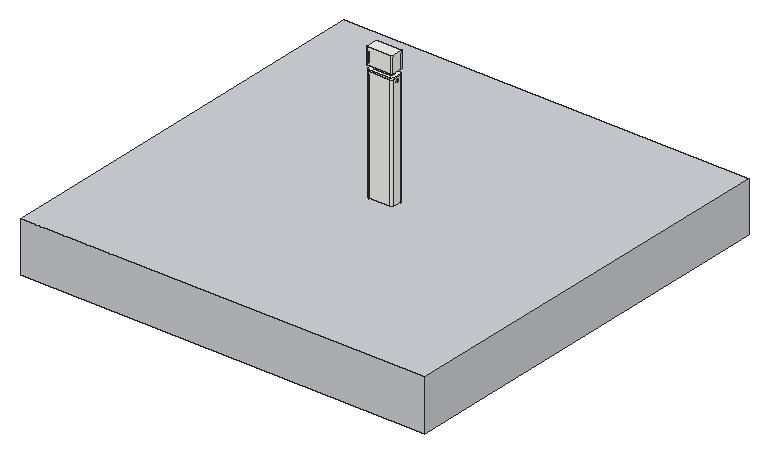
Revit family
Parameters (values of type "MFS-SS1-N")
  Warranty Statement = " www.maxiforcebollards.com/documents"
  Warranty Duration (Years) = "1"
  URL = " www.maxiforcebollards.com/documents"
  Type Comments = "Fixed Bollard / Standard Body"
  Revision = "20110501\t\t\t\t\t\r\n"
  Reflective Tape = no
  Product Specifications MF 2004 = " www.maxiforcebollards.com/documents"
  Product Specifications MF 1995 = " www.maxiforcebollards.com/documents"
  Product Models = " www.maxiforcebollards.com/documents"
  Post Material = Powder Coat - TIGER Drylac
  Pier Height = if(Additional Body Height < 0' 0", 2' 2 223/256", if(or(Additional Body Height + 2' 2 223/256" > 4' 0", Additional Body Height + 2' 2 223/256" = 4' 0"), 4' 0", 2' 2 223/256" + Additional Body Height))  # 2' - 2 223/256"
  Operation, Maintenance & Repair Manual = " www.maxiforcebollards.com/documents"
  Model = "MFS-SS1-N"
  MasterFormat 1995 = "02870"
  Marketing Brochures = " www.maxiforcebollards.com/documents"
  Manufacturer Website = "http://www.maxiforcebollards.com"
  Manufacturer Phone = "410-552-9888\t\t\t\t\t\r\n"
  Manufacturer Fax = "410-552-9939\t\t\t\t\t\r\n"
  Manufacturer Email = "sales@maxiforcebollards.com\t\t\t\t\t\r\n"
  Manufacturer Address = "7560 Main Street, Sykesville, MD 21784\t\t\t\t\t\r\n"
  Manufacturer = "Blue Ember Technologies, LLC.\t\t\t\t\t\r\n"
  Maintenance Schedule (Months) = "0"
  Keynote = "12 93 00"
  Installation Phase = "Fixtures and Fittings"
  Head Type = Head_SS1 : Head_SS1
  Head Material = Powder Coat - TIGER Drylac
  Description = "Site Furnishings as Specified in 02870 or 12 93 00"
  Default Elevation = 4' - 0"
  Copyright = "© Blue Ember Technologies, LLC.\t\t\t\t\t\r\n"
  Color Definitions RFA = " www.maxiforcebollards.com/documents"
  Color Charts = " www.maxiforcebollards.com/documents"
  CAD Details = " www.maxiforcebollards.com/documents"
  Bollard Articles = " www.maxiforcebollards.com/documents"
  Assembly Code = "G2040500"
  Applicable Standard - Typical Installation (minimum) = " www.maxiforcebollards.com/documents"
  Applicable Standard - IBC 1607.7.3 = " www.maxiforcebollards.com/documents"
  Applicable Standard - FBC 1618.5.3 = " www.maxiforcebollards.com/documents"
  Applicable Standard - AASHTO 2.7 = " www.maxiforcebollards.com/documents"
  Additional Body Height Description = "+1\" of Body (up to 48\" AFG w/o head)"
  Additional Body Height = 0' - 0"
Types (4): name | Head Type
  (no name) | Head_SS1 : Head_SS1
  MFS-SS1-N | Head_SS1 : Head_SS1
  MFS-SS2-N | Head_SS2 : Head_SS2
  MFS-SS3-N | Head_SS3 : Head_SS3
Reference planes (in)
  plane 1 "Center (Front/Back)": y = 0
  plane 2: z = 0
  plane 3 "Center (Left/Right)": x = 0
  plane 4 "Head Placement": z = 26.87109
Forms (in)
  Extrusion 1, solid
    sketch origin (0, 0, 0) x (1, 0, 0) y (0, 1, 0)
      loop
        line (-48, 48) -> (-48, -48) -> (48, -48) -> (48, 48) -> (-48, 48)
    from 0 to -12
  Extrusion 2, solid, material "Powder Coat - TIGER Drylac" <- "Post Material", detail levels medium+fine
    sketch origin (0, 0, 0) x (1, 0, 0) y (0, 1, 0)
      loop
        arc (-2.5, 1.5) -> (-2.85355, 1.35355) -> (-3, 1) r 0.5
        line (-3, 1) -> (-3, -1)
        arc (-3, -1) -> (-2.85355, -1.35355) -> (-2.5, -1.5) r 0.5
        line (-2.5, -1.5) -> (2.5, -1.5)
        arc (2.5, -1.5) -> (2.85355, -1.35355) -> (3, -1) r 0.5
        line (3, -1) -> (3, 1)
        arc (3, 1) -> (2.85355, 1.35355) -> (2.5, 1.5) r 0.5
        line (2.5, 1.5) -> (-2.5, 1.5)
      loop
        line (2.75, -1) -> (2.75, 1)
        arc (2.75, 1) -> (2.67678, 1.17678) -> (2.5, 1.25) r 0.25
        line (2.5, 1.25) -> (-2.5, 1.25)
        arc (-2.5, 1.25) -> (-2.67678, 1.17678) -> (-2.75, 1) r 0.25
        line (-2.75, 1) -> (-2.75, -1)
        arc (-2.75, -1) -> (-2.67678, -1.17678) -> (-2.5, -1.25) r 0.25
        line (-2.5, -1.25) -> (2.5, -1.25)
        arc (2.5, -1.25) -> (2.67678, -1.17678) -> (2.75, -1) r 0.25
    from -18 to 26.87109
  Blend 3, void
    base sketch origin (0, 0, 0) x (0, 1, 0) y (0, 0, -1)
      loop
        circle (0, -26.24109) r 0.40625
    top sketch origin (0, 0, 0) x (0, 1, 0) y (0, 0, -1)
      loop
        circle (0, -26.24109) r 0.20312
    from -3 to -2.75
  Blend 4, void
    base sketch origin (0, 0, 0) x (0, 1, 0) y (0, 0, 1)
      loop
        circle (0, 26.24109) r 0.40625
    top sketch origin (0, 0, 0) x (0, 1, 0) y (0, 0, 1)
      loop
        circle (0, 26.24109) r 0.20312
    from -3 to -2.75
  Extrusion 5, void
    sketch origin (-2.766, -0.01047, 26.36891) x (0, 0, 1) y (0, 1, 0)
      loop
        line (-0.12891, 0.1263) -> (-0.23828, 0.06315) -> (-0.23828, -0.06315) -> (-0.12891, -0.1263) -> (-0.01953, -0.06315) -> (-0.01953, 0.06315) -> (-0.12891, 0.1263)
    from 0.117 to 0.234
  Revolve 6, solid, detail levels fine
    sketch origin (-2.766, -0.01047, 26.36891) x (0, 0, 1) y (1, 0, 0)
      loop
        line (-0.12891, -0.234) -> (-0.12891, 0.391) -> (-0.31665, 0.391) -> (-0.31665, 0) -> (-0.52007, -0.234) -> (-0.12891, -0.234)
      axis (-0.12891, -0.234) -> (-0.12891, 0.391)
    angle from 0 to 360
  Extrusion 7, void
    sketch origin (2.766, -0.01047, 26.36891) x (0, 0, 1) y (0, -1, 0)
      loop
        line (-0.12891, -0.1263) -> (-0.01953, -0.06315) -> (-0.01953, 0.06315) -> (-0.12891, 0.1263) -> (-0.23828, 0.06315) -> (-0.23828, -0.06315) -> (-0.12891, -0.1263)
    from 0.117 to 0.234
  Revolve 8, solid, detail levels fine
    sketch origin (2.766, -0.01047, 26.36891) x (0, 0, 1) y (1, 0, 0)
      loop
        line (-0.12891, 0.234) -> (-0.52007, 0.234) -> (-0.31665, 0) -> (-0.31665, -0.391) -> (-0.12891, -0.391) -> (-0.12891, 0.234)
      axis (-0.12891, 0.234) -> (-0.12891, -0.391)
    angle from 0 to 360
Cuts and joins
  Extrusion 7 cuts Revolve 8
  Extrusion 5 cuts Revolve 6
  Blend 3, Blend 4 cuts Extrusion 2
Lines and regions (in)
  symbolic lines
    curve 1: line (-3, 1.25, 0) -> (-3, -1.25, 0)
    curve 2: line (3, -1.25, 0) -> (3, 1.25, 0)
    curve 3: line (2.75, 1.5, 0) -> (-2.75, 1.5, 0)
    curve 4: line (-2.75, -1.5, 0) -> (2.75, -1.5, 0)
    curve 5: arc (-2.75, 1.5, 0) -> (-2.92678, 1.42678, 0) -> (-3, 1.25, 0) r 0.25
    curve 6: arc (3, 1.25, 0) -> (2.92678, 1.42678, 0) -> (2.75, 1.5, 0) r 0.25
    curve 7: arc (2.75, -1.5, 0) -> (2.92678, -1.42678, 0) -> (3, -1.25, 0) r 0.25
    curve 8: arc (-3, -1.25, 0) -> (-2.92678, -1.42678, 0) -> (-2.75, -1.5, 0) r 0.25
Dimensions and locks (in)
  "Pier Height": plane 4 "Head Placement" to level
  aligned and locked: plane 2 to Extrusion 1
  aligned and locked: level to Extrusion 1
  aligned and locked: plane 4 "Head Placement" to cut or joined group of Extrusion 2, Blend 3, Blend 4
Automatic sketch dimensions
  curve 1 to plane 1 "Center (Front/Back)" = 0' - 1 1/4"
  curve 1 to plane 3 "Center (Left/Right)" = 0' - 3"
  curve 5 to curve 3 = 0' - 0 1/4"
  curve 1 to curve 4 = 0' - 0 1/4"
  plane 3 "Center (Left/Right)" to curve 4 = 0' - 2 3/4"
  curve 6 to plane 1 "Center (Front/Back)" = 0' - 1 1/4"
  curve 6 to curve 7 = 0' - 0"
  plane 1 "Center (Front/Back)" to curve 7 = 0' - 1 1/4"
  Extrusion 1 sketch curve to Extrusion 1 sketch curve = 8' - 0"  (x2)
  Extrusion 2 sketch curve to Extrusion 2 sketch curve = 0' - 0"  (x9)
  Extrusion 2 sketch curve to plane 1 "Center (Front/Back)" = 0' - 1"
  Extrusion 2 sketch curve to plane 3 "Center (Left/Right)" = 0' - 3"
  Extrusion 2 sketch curve to Extrusion 2 sketch curve = 0' - 0 1/4"  (x4)
  plane 3 "Center (Left/Right)" to Extrusion 2 sketch curve = 0' - 2 1/2"
  plane 1 "Center (Front/Back)" to Extrusion 2 sketch curve = 0' - 1"
  Blend 3 sketch curve to plane 1 "Center (Front/Back)" = 0' - 0"  (x2)
  Blend 3 sketch curve to plane 4 "Head Placement" = 0' - 0.63"  (x2)
  Blend 4 sketch curve to plane 1 "Center (Front/Back)" = 0' - 0"  (x2)
  Blend 4 sketch curve to plane 4 "Head Placement" = 0' - 0.63"  (x2)
  Extrusion 5 sketch curve to plane 1 "Center (Front/Back)" = 0' - 0.05268"  (x2)
  Extrusion 5 sketch curve to plane 4 "Head Placement" = 0' - 0.74046"
  Extrusion 5 sketch curve to plane 1 "Center (Front/Back)" = 0' - 0.11583"
  Extrusion 5 sketch curve to Extrusion 5 sketch curve = 0' - 0 7/64"  (x3)
  plane 1 "Center (Front/Back)" to Extrusion 5 sketch curve = 0' - 0.13676"
  plane 1 "Center (Front/Back)" to Extrusion 5 sketch curve = 0' - 0.07361"  (x2)
  Revolve 6 sketch curve to plane 4 "Head Placement" = 0' - 1.02225"
  Revolve 6 sketch curve to Revolve 6 sketch curve = 0' - 0.20341"
  Revolve 6 sketch curve to Revolve 6 sketch curve = 0' - 0.18775"
  Revolve 6 sketch curve to plane 4 "Head Placement" = 0' - 0.63109"
  Revolve 6 sketch curve to plane 3 "Center (Left/Right)" = 0' - 6.21443"
  Revolve 6 sketch curve to plane 3 "Center (Left/Right)" = 0' - 3"
  Revolve 6 sketch curve to Revolve 6 sketch curve = 0' - 0.234"
  Revolve 6 sketch curve to Revolve 6 sketch curve = 0' - 0.391"
  plane 3 "Center (Left/Right)" to Revolve 6 sketch curve = 0' - 0.72222"
  Extrusion 7 sketch curve to plane 1 "Center (Front/Back)" = 0' - 0.05268"  (x2)
  Extrusion 7 sketch curve to plane 4 "Head Placement" = 0' - 0.74046"
  Extrusion 7 sketch curve to plane 1 "Center (Front/Back)" = 0' - 0.11583"
  Extrusion 7 sketch curve to Extrusion 7 sketch curve = 0' - 0 7/64"  (x3)
  plane 1 "Center (Front/Back)" to Extrusion 7 sketch curve = 0' - 0.13676"
  plane 1 "Center (Front/Back)" to Extrusion 7 sketch curve = 0' - 0.07361"  (x2)
  Revolve 8 sketch curve to plane 4 "Head Placement" = 0' - 1.02225"
  Revolve 8 sketch curve to Revolve 8 sketch curve = 0' - 0.20341"
  Revolve 8 sketch curve to Revolve 8 sketch curve = 0' - 0.18775"
  Revolve 8 sketch curve to plane 4 "Head Placement" = 0' - 0.63109"
  Revolve 8 sketch curve to plane 3 "Center (Left/Right)" = 0' - 0.72222"
  plane 3 "Center (Left/Right)" to Revolve 8 sketch curve = 0' - 2 3/8"
  Revolve 8 sketch curve to Revolve 8 sketch curve = 0' - 0.391"
  Revolve 8 sketch curve to Revolve 8 sketch curve = 0' - 0.234"
  Revolve 8 sketch curve to Revolve 8 sketch curve = 0' - 3.21443"
  radius of Blend 3 sketch curve = 0' - 0 13/32"
  radius of Blend 3 sketch curve = 0' - 0 13/64"
  radius of Blend 4 sketch curve = 0' - 0 13/32"
  radius of Blend 4 sketch curve = 0' - 0 13/64"
Nested families (in)
  nested 1: "Head_SS1" at (0, 0, 26.87109), type <- "Head Type", built-in parameter 1001364 <- "Pier Height", type "Head_SS1", detail levels medium+fine
Definition of nested family "Head_SS1"
  Parameters (values of type "Head_SS1")
    Head Material = none
  Reference planes (in)
    plane 1 "Center (Front/Back)": y = 0
    plane 2: z = 0
    plane 3 "Center (Left/Right)": x = 0
  Forms (in)
    Extrusion 1, solid, material <- "Head Material"
      sketch origin (0, 0, 0) x (1, 0, 0) y (0, 1, 0)
        loop
          arc (-2.5, 1.25) -> (-2.67678, 1.17678) -> (-2.75, 1) r 0.25
          line (-2.75, 1) -> (-2.75, -1)
          arc (-2.75, -1) -> (-2.67678, -1.17678) -> (-2.5, -1.25) r 0.25
          line (-2.5, -1.25) -> (2.5, -1.25)
          arc (2.5, -1.25) -> (2.67678, -1.17678) -> (2.75, -1) r 0.25
          line (2.75, -1) -> (2.75, 1)
          arc (2.75, 1) -> (2.67678, 1.17678) -> (2.5, 1.25) r 0.25
          line (2.5, 1.25) -> (-2.5, 1.25)
      from 4.88 to 5.13
    Extrusion 2, solid, material <- "Head Material"
      sketch origin (0, 0, 0) x (1, 0, 0) y (0, 1, 0)
        loop
          arc (-2.75, 1.5) -> (-2.92678, 1.42678) -> (-3, 1.25) r 0.25
          line (-3, 1.25) -> (-3, -1.25)
          arc (-3, -1.25) -> (-2.92678, -1.42678) -> (-2.75, -1.5) r 0.25
          line (-2.75, -1.5) -> (2.75, -1.5)
          arc (2.75, -1.5) -> (2.92678, -1.42678) -> (3, -1.25) r 0.25
          line (3, -1.25) -> (3, 1.25)
          arc (3, 1.25) -> (2.92678, 1.42678) -> (2.75, 1.5) r 0.25
          line (2.75, 1.5) -> (-2.75, 1.5)
        loop
          arc (-2.5, 1.25) -> (-2.67678, 1.17678) -> (-2.75, 1) r 0.25
          line (-2.75, 1) -> (-2.75, -1)
          arc (-2.75, -1) -> (-2.67678, -1.17678) -> (-2.5, -1.25) r 0.25
          line (-2.5, -1.25) -> (2.5, -1.25)
          arc (2.5, -1.25) -> (2.67678, -1.17678) -> (2.75, -1) r 0.25
          line (2.75, -1) -> (2.75, 1)
          arc (2.75, 1) -> (2.67678, 1.17678) -> (2.5, 1.25) r 0.25
          line (2.5, 1.25) -> (-2.5, 1.25)
      from 1.25 to 5.13
    Extrusion 3, solid, material <- "Head Material"
      sketch origin (0, 0, 0) x (1, 0, 0) y (0, 1, 0)
        loop
          arc (-2.5, 1.25) -> (-2.67678, 1.17678) -> (-2.75, 1) r 0.25
          line (-2.75, 1) -> (-2.75, -1)
          arc (-2.75, -1) -> (-2.67678, -1.17678) -> (-2.5, -1.25) r 0.25
          line (-2.5, -1.25) -> (2.5, -1.25)
          arc (2.5, -1.25) -> (2.67678, -1.17678) -> (2.75, -1) r 0.25
          line (2.75, -1) -> (2.75, 1)
          arc (2.75, 1) -> (2.67678, 1.17678) -> (2.5, 1.25) r 0.25
          line (2.5, 1.25) -> (-2.5, 1.25)
      from 1.25 to 1.5
    Extrusion 4, solid, material <- "Head Material"
      sketch origin (0, 0, 0) x (1, 0, 0) y (0, 1, 0)
        loop
          line (-2, 0.5) -> (-2, -0.5) -> (2, -0.5) -> (2, 0.5) -> (-2, 0.5)
      from 0.25 to 1.25
    Extrusion 5, solid, material <- "Head Material"
      sketch origin (0, 0, 0) x (1, 0, 0) y (0, 1, 0)
        loop
          line (2.5, 1.5) -> (-2.5, 1.5)
          arc (-2.5, 1.5) -> (-2.85355, 1.35355) -> (-3, 1) r 0.5
          line (-3, 1) -> (-3, -1)
          arc (-3, -1) -> (-2.85355, -1.35355) -> (-2.5, -1.5) r 0.5
          line (-2.5, -1.5) -> (2.5, -1.5)
          arc (2.5, -1.5) -> (2.85355, -1.35355) -> (3, -1) r 0.5
          line (3, -1) -> (3, 1)
          arc (3, 1) -> (2.85355, 1.35355) -> (2.5, 1.5) r 0.5
      from 0 to 0.25
  Cuts and joins
    joined: Extrusion 1, Extrusion 2, Extrusion 3
  Dimensions and locks (in)
    aligned and locked: Extrusion 5 to level
